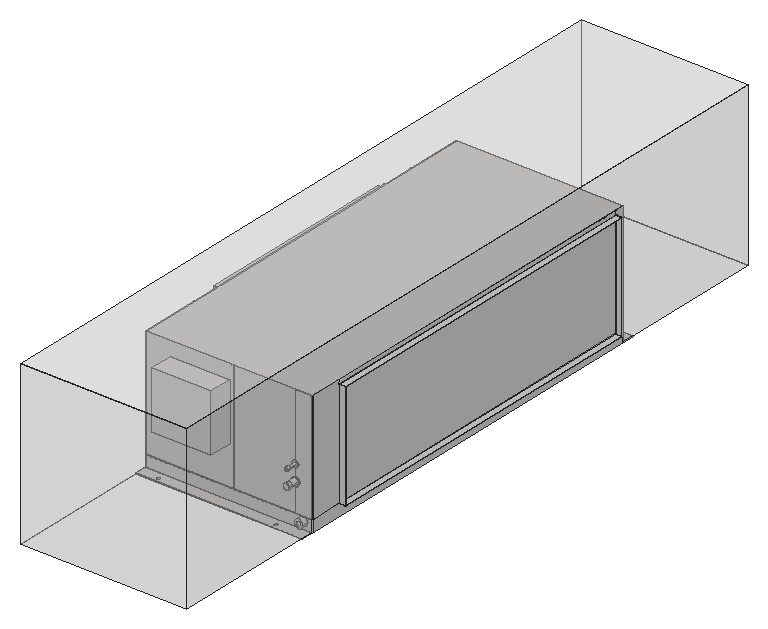
Revit family "outputfile", category 機械設備, Revit 2024
Family settings
  丸型コネクタ寸法 = 半径を使用
  パーツ タイプ = 標準
  OmniClass 番号 = 23.75.10.24.21.27.27
  OmniClass タイトル = Split System Air Conditioning Units
  作業面ベース = いいえ
  常に垂直 = はい
  ロード時にボイドで切り取り = いいえ
  注釈の向きを維持 = いいえ
  共有 = いいえ
  部屋計算ポイント = はい
Parameters (values of type "FDR400QY14")
  Description = ""
  書き出し IFC クラス(タイプ) = "IfcUnitaryEquipmentType"
  定義済み IFC タイプ(タイプ) = "AIRCONDITIONINGUNIT"
  Cost = 0
  Type Comments = ""
  Keynote = ""
  Type Image = (empty or 0)
  Assembly Code = ""
  angle_Drain Pipe [instance] = if(Rear Connection_drainpipe, -90.00°, 90.00°)  # 90.00°
  製造元 = "Daikin"
  モデル = "FDR400QY14"
  w2 = if(Depth = 2195.0 mm, 0.0 mm, if(Depth = 1980.0 mm, 0.0 mm, 352.0 mm))  # 0.0 mm
  w1 = if(Depth = 2195.0 mm, 0.0 mm, if(Depth = 1980.0 mm, 1.0 mm, 20.0 mm))  # 1.0 mm
  switch_frequency = yes
  r_Liquid Pipe Size = Liquid Pipe Size / 2  # 6.35 mm
  r_Gas Pipe Size = Gas Pipe Size / 2  # 14.3 mm
  r_Drain Pipe Size = Drain Pipe Size / 2  # 12.7 mm
  r_D = if(Depth = 2195.0 mm, 41.5 mm, if(Depth = 1980.0 mm, 41.5 mm, 34.5 mm))  # 41.5 mm
  lw_power = if(Depth = 2195.0 mm, Width / 2 - 249.0 mm, if(Depth = 1980.0 mm, Width / 2 - 128.0 mm, Width / 2 - 138.0 mm))  # 297.0 mm
  lw_mountinghole = if(Depth = 2195.0 mm, 100.0 mm, if(Depth = 1980.0 mm, 100.0 mm, if(Depth = 1330.0 mm, 59.0 mm, 59.0 mm)))  # 100.0 mm
  lh_SA = if(Depth = 2195.0 mm, 263.0 mm + SA Duct Size Height / 2, if(Depth = 1980.0 mm, 257.0 mm + SA Duct Size Height / 2, 156.0 mm + SA Duct Size Height / 2))  # 431.5 mm
  ld_SA = if(Depth = 2195.0 mm, 570.0 mm + SA Duct Size Width / 2, if(Depth = 1980.0 mm, 479.0 mm + SA Duct Size Width / 2, 128.0 mm + SA Duct Size Width / 2))  # 1001.5 mm
  ld_RA = if(Depth = 2195.0 mm, 171.0 mm + RA Duct Size Width / 2, if(Depth = 1980.0 mm, 169.0 mm + RA Duct Size Width / 2, 128.0 mm + RA Duct Size Width / 2))  # 1051.0 mm
  lh_power = if(Depth = 2195.0 mm, 490.0 mm, if(Depth = 1980.0 mm, 300.0 mm, 200.0 mm))  # 300.0 mm
  lh_RA = if(Depth = 2195.0 mm, 60.0 mm + RA Duct Size Height / 2, if(Depth = 1980.0 mm, 61.0 mm + RA Duct Size Height / 2, 156.0 mm + RA Duct Size Height / 2))  # 333.0 mm
  ld_power = if(Depth = 2195.0 mm, 75.8 mm, if(Depth = 1980.0 mm, 70.0 mm, 76.6 mm))  # 70.0 mm
  l_SA = if(Depth = 2195.0 mm, 36.0 mm, if(Depth = 1980.0 mm, 35.0 mm, 39.0 mm))  # 35.0 mm
  l_RA = if(Depth = 2195.0 mm, 36.0 mm, if(Depth = 1980.0 mm, 35.0 mm, 39.0 mm))  # 35.0 mm
  d = if(Depth = 1330.0 mm, 20.0 mm, 0.0 mm)  # 0.0 mm
  connector_voltage = Voltage_50Hz  # 400 V
  connector_powerinput = [Power Input (Cooling)]  # 15.690 kW
  connector_phase = Phase_50Hz  # 3
  Voltage_comment_50Hz = "380 - 415"
  Voltage_50Hz = 400 V
  URL = ""
  Supply Air Direction [instance] = yes
  Sound Power Level_H speed (dB) = 0
  Rear Connection_drainpipe [instance] = not(Front Connection_drainpipe)  # no
  Phase_50Hz = 3
  Minimum External Static Pressure = 0.00 Pa
  Minimum Circuit Amps_50Hz = 4.4 A
  Maximum Fuse Amps_50Hz = 16.0 A
  Maximum External Static Pressure = 150.00 Pa
  Material_Casing = DAIKIN_GalvanizedSteel_Casing_indoorunit
  lw_mountinghole_pitch = if(Depth = 2195.0 mm, 600.0 mm, if(Depth = 1980.0 mm, 600.0 mm, if(Depth = 1330.0 mm, 732.0 mm, 732.0 mm)))  # 600.0 mm
  lh_gaspipe = if(Depth = 2195.0 mm, 205.0 mm, if(Depth = 1980.0 mm, 205.0 mm, 187.0 mm))  # 205.0 mm
  lh_mountinghole = if(Depth = 2195.0 mm, 0.0 mm, if(Depth = 1980.0 mm, 0.0 mm, if(Depth = 1330.0 mm, 495.0 mm, 495.0 mm)))  # 0.0 mm
  lh_liquidpipe = if(Depth = 2195.0 mm, 285.0 mm, if(Depth = 1980.0 mm, 285.0 mm, 187.0 mm))  # 285.0 mm
  lh_drainpipe = if(Depth = 2195.0 mm, 38.0 mm, if(Depth = 1980.0 mm, 38.0 mm, 32.0 mm))  # 38.0 mm
  l_antena = Height - lh_mountinghole + 1.0 mm  # 626.0 mm
  ld_drainpipe = if(Depth = 2195.0 mm, Depth / 2 + 29.0 mm, if(Depth = 1980.0 mm, Depth / 2 + 29.0 mm, Depth / 2 + 9.0 mm))  # 1019.0 mm
  ld_liquidpipe = if(Depth = 2195.0 mm, Depth / 2 + 55.0 mm, if(Depth = 1980.0 mm, Depth / 2 + 55.0 mm, Depth / 2 + 60.0 mm))  # 1045.0 mm
  ld_gaspipe = if(Depth = 2195.0 mm, Depth / 2 + 55.0 mm, if(Depth = 1980.0 mm, Depth / 2 + 55.0 mm, Depth / 2 + 58.0 mm))  # 1045.0 mm
  ld_mountinghole_pitch = if(Depth = 2195.0 mm, 2280.0 mm, if(Depth = 1980.0 mm, 2070.0 mm, 1386.0 mm))  # 2070.0 mm
  h*** = 0.0 mm  # constant formula
  lw_liquidpipe = if(Depth = 2195.0 mm, 83.0 mm, if(Depth = 1980.0 mm, 87.0 mm, 126.0 mm))  # 87.0 mm
  lw_gaspipe = if(Depth = 2195.0 mm, 83.0 mm, if(Depth = 1980.0 mm, 87.0 mm, 47.0 mm))  # 87.0 mm
  lw_drainpipe = if(Depth = 2195.0 mm, 43.0 mm, if(Depth = 1980.0 mm, 45.0 mm, 46.0 mm))  # 45.0 mm
  Width = 850.0 mm
  Version = "ver.1.0"
  Unit Type = "Duct"
  Unit Mass Weight = 177.00 kg
  Unit Designation [instance] = ""
  Uniclass2015Version = "Products v1.30"
  Uniclass2015Title = "Split coil room air conditioning units"
  Uniclass2015Code = "Pr_70_65_03_86"
  Total Cooling Capacity [instance] = 0.000 kW
  Sound Pressure Level_M speed (dBA) = 0
  Sound Pressure Level_L speed (dBA) = 0
  Sound Pressure Level_H speed (dBA) = 59
  Series = "Package Aircon_Fan Coil Unit"
  Sensible Cooling Capacity [instance] = 0.000 kW
  SA Duct Size Width = 1045.0 mm
  SA Duct Size Height = 349.0 mm
  Refrigerant Type = "R410A"
  RA Duct Size Width = 1764.0 mm
  RA Duct Size Height = 544.0 mm
  Power Input (Cooling) = 15.690 kW
  Option Accessory 3 [instance] = ""
  Option Accessory 2 [instance] = ""
  Option Accessory 1 [instance] = ""
  Nominal Cooling Capacity = 46.300 kW
  Minimum Airflow = 0.00 m³/h
  Median Airflow = 0.00 m³/h
  Maximum Airflow = 7200.00 m³/h
  Load Classification = HVAC
  Liquid Pipe Size = 12.7 mm
  Link_Nested Family [instance] = ""
  Front Connection_drainpipe [instance] = yes
  IfcVersion = ""
  IfcExportType = "AIRCONDITIONINGUNIT"
  IfcExportAs = "IfcUnitaryEquipmentType"
  Height = 625.0 mm
  Heat Exchanger Type = "Cross Fin Coil"
  Gas Pipe Size = 28.6 mm
  Frequency_50Hz = 50 Hz
  Fan Type = "Sirocco Fan"
  Fan Drive = "-"
  FCU Tag No. [instance] = ""
  Drain Pipe Size = 25.4 mm
  Design Supply Airflow [instance] = 0.00 m³/h
  Design Return Airflow [instance] = 0.00 m³/h
  Design External Static Pressure [instance] = 0.00 Pa
  Depth = 1980.0 mm
  既定の高さ = 0.0 mm
  Cooling Entering Wet Bulb Temperature [instance] = 0.00 °C
  Cooling Entering Dry Bulb Temperature [instance] = 0.00 °C
  Cooling Ambient Wet Bulb Temperature [instance] = 0.00 °C
  Cooling Ambient Dry Bulb Temperature [instance] = 0.00 °C
  Clearance visibility [instance] = yes
  Clearance Top = 200.0 mm
  Clearance Right = 0.0 mm
  Clearance Rear = 800.0 mm
  Clearance Left = 0.0 mm
  Clearance Front = 800.0 mm
  Clearance Bottom = 0.0 mm
  A = if(Depth = 2195.0 mm, 60.0 mm, if(Depth = 1980.0 mm, 61.0 mm, 63.0 mm))  # 61.0 mm
  300-500 = not([200/250])  # yes
  200/250 = Depth = 1330.0 mm  # no
Reference planes
  plane 1 "Center (Front/Back)": y = 0
  plane 2 "h": z = 0
  plane 3 "Center (Left/Right)": x = 0
  plane 4 "Back": y = 990
  plane 5 "Front": y = -990
  plane 6 "Left": x = -425
  plane 7 "Right": x = 425
  plane 8 "Top": z = 0
  plane 9 "Bottom": z = -625
  plane 10: y = 1790
  plane 11: y = -1790
  plane 12: x = -425
  plane 13: x = 425
  plane 14: z = 200
  plane 15: z = -625
  plane 16 "ld_RA": y = 61
  plane 17 "lh_RA": z = -292
  plane 18 "ld_gaspipe": y = -1045
  plane 19 "ld_drainpipe": y = -1019
  plane 20 "lw_drainpipe": x = 380
  plane 21 "lw_liquidpipe": x = 338
  plane 22 "lw_gaspipe": x = 338
  plane 23 "lw_mountinghole": x = -325
  plane 24 "lw_mountinghole1": x = 275
  plane 25 "ld_mountinghole": y = -1035
  plane 26 "ld_mountinghole1": y = 1035
  plane 27 "lh_mountinghole": z = -625
  plane 28 "lh_SA": z = -193.5
  plane 29 "ld_liquidpipe": y = -1045
  plane 30 "ld_power": y = -1060
  plane 31 "ld_drainpipe1": y = 1019
  plane 32 "ld_SA": y = 11.5
  plane 33 "A": z = -564
  plane 34: y = 990
  plane 35: y = -990
  plane 36: x = -424
  plane 37: x = 425
  plane 38: z = -587
  plane 39: z = -587
Forms (mm)
  Extrusion 1, solid, material "DAIKIN_GalvanizedSteel_Casing_indoorunit" <- "Material_Casing"
    sketch origin (0, 0, -625) x (-1, 0, 0) y (0, -1, 0)
      loop
        line (424, -990) -> (424, 990) -> (-425, 990) -> (-425, -990) -> (424, -990)
    from 625 to 61
  Extrusion 2, solid, material "DAIKIN_GalvanizedSteel_Casing_indoorunit" <- "Material_Casing"
    sketch origin (0, 0, -625) x (-1, 0, 0) y (0, -1, 0)
      loop
        line (424, -990) -> (424, 990) -> (-425, 990) -> (-425, -990) -> (424, -990)
    from 0 to 61
  Extrusion 3, solid, material "DAIKIN_GalvanizedSteel_Casing_indoorunit" <- "Material_Casing", visible <- "200/250"
    sketch origin (0, 0, 0) x (1, 0, 0) y (0, 0, 1)
      loop
        line (84.8, -564) -> (84.8, -625) -> (419.6, -625) -> (419.6, -564) -> (84.8, -564)
    from -990 to 990
  Extrusion 4, solid, material "DAIKIN_GalvanizedSteel_Casing_indoorunit" <- "Material_Casing", visible <- "Front Connection_drainpipe"
    sketch origin (425, -990, -625) x (-1, 0, 0) y (0, 0, -1)
      loop
        circle (45, -38) r 20.75
      loop
        circle (45, -38) r 12.7
    from 0 to 29
  Extrusion 5, solid, material "DAIKIN_GalvanizedSteel_Casing_indoorunit" <- "Material_Casing", visible <- "Rear Connection_drainpipe"
    sketch origin (-424, 990, -625) x (1, 0, 0) y (0, 0, -1)
      loop
        circle (804, -38) r 20.75
      loop
        circle (804, -38) r 12.7
    from 0 to 29
Dimensions and locks
  "Height": plane 8 "Top" to plane 9 "Bottom"
  equal spacing: plane 4 "Back", plane 1 "Center (Front/Back)", plane 5 "Front"
  "Depth": plane 4 "Back" to plane 5 "Front"
  equal spacing: plane 6 "Left", plane 3 "Center (Left/Right)", plane 7 "Right"
  "Width": plane 6 "Left" to plane 7 "Right"
  "Clearance Left": plane 12 to plane 6 "Left"
  "Clearance Right": plane 7 "Right" to plane 13
  "Clearance Rear": plane 10 to plane 4 "Back"
  "Clearance Front": plane 5 "Front" to plane 11
  "Clearance Top": plane 14 to plane 8 "Top"
  "Clearance Bottom": plane 9 "Bottom" to plane 15
  "ld_RA": plane 16 "ld_RA" to plane 5 "Front"
  "lh_RA": plane 17 "lh_RA" to plane 9 "Bottom"
  "lw_drainpipe": plane 20 "lw_drainpipe" to plane 7 "Right"
  "lw_liquidpipe": plane 21 "lw_liquidpipe" to plane 7 "Right"
  "lw_gaspipe": plane 22 "lw_gaspipe" to plane 7 "Right"
  "lw_mountinghole_pitch": plane 23 "lw_mountinghole" to plane 24 "lw_mountinghole1"
  equal spacing: plane 25 "ld_mountinghole", plane 1 "Center (Front/Back)", plane 26 "ld_mountinghole1"
  "ld_mountinghole_pitch": plane 26 "ld_mountinghole1" to plane 25 "ld_mountinghole"
  "lh_mountinghole": plane 27 "lh_mountinghole" to plane 9 "Bottom"
  "lh_SA": plane 28 "lh_SA" to plane 9 "Bottom"
  "h***": plane 8 "Top" to plane 2 "h"
  "lw_mountinghole": plane 6 "Left" to plane 23 "lw_mountinghole"
  "ld_drainpipe": plane 31 "ld_drainpipe1" to plane 1 "Center (Front/Back)"
  "ld_drainpipe": plane 1 "Center (Front/Back)" to plane 19 "ld_drainpipe"
  "ld_power": plane 5 "Front" to plane 30 "ld_power"
  "ld_liquidpipe": plane 29 "ld_liquidpipe" to plane 1 "Center (Front/Back)"
  "ld_gaspipe": plane 18 "ld_gaspipe" to plane 1 "Center (Front/Back)"
  "ld_SA": plane 32 "ld_SA" to plane 5 "Front"
  "A": plane 33 "A" to plane 9 "Bottom"
  "w1": plane 6 "Left" to plane 36
  "d": plane 4 "Back" to plane 34
  "d": plane 35 to plane 5 "Front"
  "w2": plane 37 to plane 7 "Right"
  locked: plane 6 "Left" to Extrusion 1 sketch curve at 1
  locked: Extrusion 3 sketch curve to Extrusion 3 sketch curve at 334.8
  locked: Extrusion 3 sketch curve to plane 7 "Right" at 5.4
  "lh_drainpipe": plane 38 to plane 9 "Bottom"
  "lh_drainpipe": plane 39 to plane 9 "Bottom"
  "r_D": diameter of Extrusion 4 sketch curve
  "Drain Pipe Size": diameter of Extrusion 4 sketch curve
  "Drain Pipe Size": diameter of Extrusion 5 sketch curve
  "r_D": diameter of Extrusion 5 sketch curve
  aligned and locked: level to plane 2 "h"
  aligned and locked: nested 4 to plane 11
  aligned and locked: nested 4 to plane 12  (x2)
  aligned and locked: nested 4 to plane 13
  aligned and locked: plane 10 to nested 4
  aligned and locked: plane 14 to nested 4
  aligned and locked: plane 15 to nested 4
  aligned and locked: nested 2 to plane 21 "lw_liquidpipe"
  aligned and locked: nested 1 to plane 22 "lw_gaspipe"
  aligned and locked: nested 1 to plane 18 "ld_gaspipe"
  aligned and locked: plane 23 "lw_mountinghole" to nested 6
  aligned and locked: nested 6 to plane 26 "ld_mountinghole1"
  aligned and locked: plane 24 "lw_mountinghole1" to nested 5
  aligned and locked: nested 5 to plane 26 "ld_mountinghole1"
  aligned and locked: plane 24 "lw_mountinghole1" to nested 8
  aligned and locked: plane 25 "ld_mountinghole" to nested 8
  aligned and locked: plane 25 "ld_mountinghole" to nested 7
  aligned and locked: plane 23 "lw_mountinghole" to nested 7
  aligned and locked: nested 2 to plane 29 "ld_liquidpipe"
  aligned and locked: plane 28 "lh_SA" to nested 9
  aligned and locked: nested 3 to plane 3 "Center (Left/Right)"
  aligned and locked: plane 1 "Center (Front/Back)" to nested 3
  aligned and locked: nested 11 to plane 3 "Center (Left/Right)"
  aligned and locked: nested 11 to plane 30 "ld_power"
  aligned and locked: nested 9 to plane 6 "Left"
  aligned and locked: nested 9 to plane 32 "ld_SA"
  aligned and locked: plane 7 "Right" to nested 10
  aligned and locked: plane 16 "ld_RA" to nested 10
  aligned and locked: plane 7 "Right" to nested 12
  aligned and locked: nested 12 to plane 1 "Center (Front/Back)"
  aligned and locked: plane 1 "Center (Front/Back)" to nested 13
  aligned and locked: nested 13 to plane 6 "Left"
  aligned and locked: plane 9 "Bottom" to nested 13
  aligned and locked: Extrusion 1 sketch curve to plane 4 "Back"
  aligned and locked: plane 5 "Front" to Extrusion 1 sketch curve
  aligned and locked: Extrusion 1 sketch curve to plane 7 "Right"
  aligned and locked: Extrusion 1 to plane 8 "Top"
  aligned and locked: Extrusion 1 to plane 33 "A"
  aligned and locked: Extrusion 2 sketch curve to plane 34
  aligned and locked: plane 36 to Extrusion 2 sketch curve
  aligned and locked: plane 35 to Extrusion 2 sketch curve
  aligned and locked: Extrusion 2 sketch curve to plane 37
  aligned and locked: plane 33 "A" to Extrusion 2
  aligned and locked: Extrusion 2 to plane 9 "Bottom"
  aligned and locked: plane 25 "ld_mountinghole" to nested 14
  aligned and locked: nested 15 to plane 26 "ld_mountinghole1"
  aligned and locked: plane 23 "lw_mountinghole" to nested 14
  aligned and locked: nested 15 to plane 23 "lw_mountinghole"
  aligned and locked: plane 9 "Bottom" to nested 15
  aligned and locked: nested 14 to plane 9 "Bottom"
  aligned and locked: plane 23 "lw_mountinghole" to nested 16
  aligned and locked: plane 24 "lw_mountinghole1" to nested 17
  aligned and locked: nested 16 to plane 25 "ld_mountinghole"
  aligned and locked: nested 17 to plane 25 "ld_mountinghole"
  aligned and locked: nested 18 to plane 26 "ld_mountinghole1"
  aligned and locked: nested 19 to plane 26 "ld_mountinghole1"
  aligned and locked: nested 19 to plane 24 "lw_mountinghole1"
  aligned and locked: nested 18 to plane 23 "lw_mountinghole"
  aligned and locked: plane 27 "lh_mountinghole" to nested 18
  aligned and locked: plane 27 "lh_mountinghole" to nested 16
  aligned and locked: plane 27 "lh_mountinghole" to nested 19
  aligned and locked: plane 27 "lh_mountinghole" to nested 17
  aligned and locked: plane 8 "Top" to nested 12
  aligned and locked: Extrusion 3 sketch curve to plane 33 "A"
  aligned and locked: plane 9 "Bottom" to Extrusion 3 sketch curve
  aligned and locked: Extrusion 2 to Extrusion 3  (x2)
  aligned and locked: nested 20 to plane 5 "Front"
  aligned and locked: plane 3 "Center (Left/Right)" to nested 20
  aligned and locked: plane 9 "Bottom" to nested 20
  aligned and locked: Extrusion 4 sketch curve to plane 20 "lw_drainpipe"  (x2)
  aligned and locked: plane 38 to Extrusion 4 sketch curve  (x2)
  aligned and locked: Extrusion 4 to plane 19 "ld_drainpipe"
  aligned and locked: Extrusion 5 sketch curve to plane 20 "lw_drainpipe"  (x2)
  aligned and locked: plane 39 to Extrusion 5 sketch curve  (x2)
  aligned and locked: plane 31 "ld_drainpipe1" to Extrusion 5
  aligned and locked: plane 1 "Center (Front/Back)" to nested 21
  aligned and locked: nested 21 to plane 20 "lw_drainpipe"
Nested families
  nested 1: "daikin_connector_rotate2" at (338, 0, -420), length <- "ld_gaspipe", built-in parameter 1001364 <- "lh_gaspipe", radius <- "r_Gas Pipe Size", type "daikin_connector_rotate2"
    with radius 14.3 mm, length 1045.0 mm, angle_vertical 90.00°
  nested 2: "daikin_connector_rotate2" at (338, 0, -340), length <- "ld_liquidpipe", built-in parameter 1001364 <- "lh_liquidpipe", radius <- "r_Liquid Pipe Size", type "daikin_connector_rotate2"
    with radius 6.35 mm, length 1045.0 mm, angle_vertical 90.00°
  nested 3: "daikin_△_symbolicline" at (0, 0, 625) x (0, -1, 0) z (0, 0, 1), built-in parameter 1001364 <- "Height", visible <- "Supply Air Direction", type "daikin_△_symbolicline"
    with length 250.0 mm
  nested 4: "daikin_clearancespace" at (0, 0, -212.381), visible <- "Clearance visibility", show <- "Clearance visibility", Link_Nested Family <- "Link_Nested Family", type "daikin_clearancespace"
    with width 850.0 mm, show yes, height 825.0 mm, depth 3580.0 mm, Link_Nested Family ""
  nested 5: "daikin_mountinghole" at (275, 1035, -625), l_antenna <- "l_antena", Link_Nested Family <- "Link_Nested Family", h_mountinghole <- "lh_mountinghole", type "daikin_mountinghole"
    with show yes, l_antenna 626.0 mm, h_mountinghole 0.0 mm, Link_Nested Family ""
  nested 6: "daikin_mountinghole" at (-325, 1035, -625), l_antenna <- "l_antena", Link_Nested Family <- "Link_Nested Family", h_mountinghole <- "lh_mountinghole", type "daikin_mountinghole"
    with show yes, l_antenna 626.0 mm, h_mountinghole 0.0 mm, Link_Nested Family ""
  nested 7: "daikin_mountinghole" at (-325, -1035, -625), h_mountinghole <- "lh_mountinghole", l_antenna <- "l_antena", Link_Nested Family <- "Link_Nested Family", type "daikin_mountinghole"
    with show yes, l_antenna 626.0 mm, h_mountinghole 0.0 mm, Link_Nested Family ""
  nested 8: "daikin_mountinghole" at (275, -1035, -625), h_mountinghole <- "lh_mountinghole", l_antenna <- "l_antena", Link_Nested Family <- "Link_Nested Family", type "daikin_mountinghole"
    with show yes, l_antenna 626.0 mm, h_mountinghole 0.0 mm, Link_Nested Family ""
  nested 9: "daikin_connector_rotate2" at (-425, 11.5, -193.5) x (0, -1, 0) z (0, 0, 1), built-in parameter 1001364 <- "lh_SA", length <- "l_SA", type "daikin_connector_rotate2"
    with radius 10.0 mm, length 35.0 mm, angle_vertical 90.00°
  nested 10: "daikin_connector_rotate2" at (425, 61, -292) x (0, 1, 0) z (0, 0, 1), built-in parameter 1001364 <- "lh_RA", length <- "l_RA", type "daikin_connector_rotate2"
    with radius 10.0 mm, length 35.0 mm, angle_vertical 90.00°
  nested 11: "daikin_connector_rotate2" at (0, -1060, -325) x (0, -1, 0) z (0, 0, 1), length <- "lw_power", built-in parameter 1001364 <- "lh_power", type "daikin_connector_rotate2"
    with radius 10.0 mm, length 297.0 mm, angle_vertical 90.00°
  nested 12: "daikin_RA ductflange_FDR-QY14" at (425, 0, -625) x (0, 1, 0) z (0, 0, 1), type "daikin_RA ductflange_FDR-QY14"
    with lh_RA 61.0 mm, ld_RA 169.0 mm, l_RA 35.0 mm, a 61.0 mm, RA Duct Size Width 1764.0 mm, RA Duct Size Height 544.0 mm, Depth 1980.0 mm, Height 625.0 mm
  nested 13: "daikin_SA ductflange_FDR-QY14" at (-425, 0, -625) x (0, -1, 0) z (0, 0, 1), type "daikin_SA ductflange_FDR-QY14"
    with lh_SA 257.0 mm, ld_SA 479.0 mm, l_SA 35.0 mm, a 61.0 mm, SA Duct Size Width 1045.0 mm, SA Duct Size Height 349.0 mm, Depth 1980.0 mm, Height 625.0 mm, t 1.0 mm, 300/400 yes, 200/250以外 yes, 200/250 no
  nested 14: "daikin_anchor boltsfixture_FDR-QY14" at (-325, -1035, -625), visible <- "300-500", type "daikin_anchor boltsfixture_FDR-QY14"
    with b 45.0 mm, a 61.0 mm, Width 850.0 mm, Height 625.0 mm
  nested 15: "daikin_anchor boltsfixture_FDR-QY14" at (-325, 1035, -625), visible <- "300-500", type "daikin_anchor boltsfixture_FDR-QY14"
    with b 45.0 mm, a 61.0 mm, Width 850.0 mm, Height 625.0 mm
  nested 16: "daikin_hangerfixture_FDR-QY14" at (-325, -1035, -625) x (0, 1, 0) z (0, 0, 1), visible <- "200/250", type "daikin_hangerfixture_FDR-QY14"
  nested 17: "daikin_hangerfixture_FDR-QY14" at (275, -1035, -625) x (0, 1, 0) z (0, 0, 1), visible <- "200/250", type "daikin_hangerfixture_FDR-QY14"
  nested 18: "daikin_hangerfixture_FDR-QY14" at (-325, 1035, -625) x (0, -1, 0) z (0, 0, 1), visible <- "200/250", type "daikin_hangerfixture_FDR-QY14"
  nested 19: "daikin_hangerfixture_FDR-QY14" at (275, 1035, -625) x (0, -1, 0) z (0, 0, 1), visible <- "200/250", type "daikin_hangerfixture_FDR-QY14"
  nested 20: "daikin_rightpanel_FDR-QY14" at (0, -990, -625), material <- "Material_Casing", type "daikin_rightpanel_FDR-QY14"
    with material DAIKIN_GalvanizedSteel_Casing_indoorunit, 外径_gaspipe 31.1 mm, 内径_gaspipe 28.6 mm, switch_unit_300/400 yes, switch_unit_200/250 no, lw_liquidpipe 87.0 mm, lw_gaspipe 87.0 mm, lw_control box 128.0 mm, lh_liquidpipe 285.0 mm, lh_gaspipe 205.0 mm, lh_control box 261.0 mm, ld_liquidpipe 55.0 mm, 外径_liquidpipe 17.8 mm, 内径_liquidpipe 12.7 mm, ld_gaspipe 55.0 mm, height 625.0 mm, h_control box 291.6 mm, depth 1980.0 mm
  nested 21: "daikin_connector_rotate2" at (380, 0, -587), built-in parameter 1001364 <- "lh_drainpipe", length <- "ld_drainpipe", radius <- "r_Drain Pipe Size", angle_vertical <- "angle_Drain Pipe", type "daikin_connector_rotate2"
    with radius 12.7 mm, length 1019.0 mm, angle_vertical 90.00°
Connectors
  piping at (338, -1045, -420), diameter 28.6, driven by "r_Gas Pipe Size"
    settings: on nested 1, index 4, connector inside diameter 609.6 mm, connector length 0.0 mm, flow factor 0, pipe flow 0.00 m³/h, pressure drop 0.0 Pa, fitting loss kfactor 0, connector angle 0.00°, fixture units 0, engagement length 0.0 mm, angle of deflection 0.00°, flow configuration 1, flow direction 2, fitting loss method 0, system type 29, joint type 0, gender type 0, connector reference index -1, connector utility 0, adjustable connector no, is connector primary yes, connector description "Refrigerant Gas Piping"
  piping at (338, -1045, -340), diameter 12.7, driven by "r_Liquid Pipe Size"
    settings: on nested 2, index 5, connector inside diameter 609.6 mm, connector length 0.0 mm, flow factor 0, pipe flow 0.00 m³/h, pressure drop 0.0 Pa, fitting loss kfactor 0, connector angle 0.00°, fixture units 0, engagement length 0.0 mm, angle of deflection 0.00°, flow configuration 1, flow direction 1, fitting loss method 0, system type 29, joint type 0, gender type 0, connector reference index -1, connector utility 0, adjustable connector no, is connector primary no, connector description "Refrigerant Liquid Piping"
  hvac at (-460, 11.5, -193.5), driven by "SA Duct Size Height", driven by "SA Duct Size Width"
    settings: on nested 9, index 7, duct flow 0.00 m³/h, flow factor 0, pres drop 0.00 Pa, loss coef 0, conn angle 0.00°, conn width 1045.0 mm, conn height 349.0 mm, conn diameter 609.6 mm, duct sys type 1, conn prof type 1, flow config 0, flow direction 2, loss method 4, conn ref index -1, conn util no, is conn primary yes, conn desc "SA Duct"
  hvac at (460, 61, -292), driven by "RA Duct Size Height", driven by "RA Duct Size Width"
    settings: on nested 10, index 8, duct flow 0.00 m³/h, flow factor 0, pres drop 0.00 Pa, loss coef 0, conn angle 0.00°, conn width 1764.0 mm, conn height 544.0 mm, conn diameter 609.6 mm, duct sys type 2, conn prof type 1, flow config 0, flow direction 1, loss method 4, conn ref index -1, conn util no, is conn primary no, conn desc "RA Duct"
  electrical at (-297, -1060, -325), driven by "connector_phase", driven by "Load Classification", driven by "connector_voltage", driven by "connector_powerinput"
    settings: on nested 11, index 9, voltage 400 V, apparent load 15690 VA, apparent load phase1 0 VA, apparent load phase2 0 VA, apparent load phase3 0 VA, power factor 1, load classification "HVAC", number of poles 3, system type 30, power factor state 1, is connector primary yes, connector utility no, sub classification motor no, connector description "Power Supply"
  piping at (380, -1019, -587), diameter 25.4, driven by "r_Drain Pipe Size"
    settings: on nested 21, index 10, connector inside diameter 609.6 mm, connector length 0.0 mm, flow factor 0, pipe flow 0.00 m³/h, pressure drop 0.0 Pa, fitting loss kfactor 0, connector angle 0.00°, fixture units 0, engagement length 0.0 mm, angle of deflection 0.00°, flow configuration 1, flow direction 2, fitting loss method 4, system type 16, joint type 0, gender type 0, connector reference index -1, connector utility 0, adjustable connector no, is connector primary no, connector description "Condensate Drain Piping"
Definition of nested family "daikin_clearancespace"
  Parameters (values of type "daikin_clearancespace")
    Description = "daikin_clearancespace"
    width [instance] = 1823.963 mm
    show [instance] = yes
    material = none
    height [instance] = 1359.762 mm
    depth [instance] = 880.0 mm
    Default Elevation = 0.0 mm
    Link_Nested Family [instance] = ""
  Reference planes
    plane 1 "Center (Front/Back)": y = 0
    plane 2 "Center (Elevation)": z = -0.119
    plane 3 "Center (Left/Right)": x = 0
    plane 4: y = 440
    plane 5: y = -440
    plane 6 "Right": x = 911.982
    plane 7 "Left": x = -911.982
    plane 8 "Top": z = 679.762
    plane 9 "Bottom": z = -680
  Forms (mm)
    Extrusion 1, solid, material <- "material", visible <- "show"
      sketch origin (0, 0, 0) x (1, 0, 0) y (0, 1, 0)
        loop
          line (-911.982, 440) -> (-911.982, -440) -> (911.982, -440) -> (911.982, 440) -> (-911.982, 440)
      from -680 to 679.762
  Lines and regions (mm)
    symbolic lines, visible <- "show"
      curve 1: line (911.982, 440, 0) -> (-911.982, 440, 0)
      curve 2: line (-911.982, 440, 0) -> (-911.982, -440, 0)
      curve 3: line (-911.982, -440, 0) -> (911.982, -440, 0)
      curve 4: line (911.982, -440, 0) -> (911.982, 440, 0)
      curve 5: line (911.982, 0, 679.762) -> (-911.982, 0, 679.762)
      curve 6: line (911.982, 0, -680) -> (911.982, 0, 679.762)
      curve 7: line (-911.982, 0, -680) -> (911.982, 0, -680)
      curve 8: line (-911.982, 0, 679.762) -> (-911.982, 0, -680)
      curve 9: line (0, 440, 679.762) -> (0, -440, 679.762)
      curve 10: line (0, -440, 679.762) -> (0, -440, -680)
      curve 11: line (0, 440, -680) -> (0, 440, 679.762)
      curve 12: line (0, -440, -680) -> (0, 440, -680)
  Dimensions and locks
    "width": plane 7 "Left" to plane 6 "Right"
    "depth": plane 4 to plane 5
    "height": plane 8 "Top" to plane 9 "Bottom"
    equal spacing: plane 7 "Left", plane 3 "Center (Left/Right)", plane 6 "Right"
    equal spacing: plane 4, plane 1 "Center (Front/Back)", plane 5
    equal spacing: plane 8 "Top", plane 2 "Center (Elevation)", plane 9 "Bottom"
    aligned and locked: level to plane 2 "Center (Elevation)"
    aligned and locked: Extrusion 1 sketch curve to plane 4
    aligned and locked: plane 7 "Left" to Extrusion 1 sketch curve
    aligned and locked: Extrusion 1 sketch curve to plane 5
    aligned and locked: Extrusion 1 sketch curve to plane 6 "Right"
    aligned and locked: plane 8 "Top" to Extrusion 1
    aligned and locked: curve 1 to Extrusion 1
    aligned and locked: curve 2 to Extrusion 1
    aligned and locked: curve 3 to Extrusion 1
    aligned and locked: curve 4 to Extrusion 1
    aligned and locked: curve 5 to Extrusion 1
    aligned and locked: curve 6 to Extrusion 1
    aligned and locked: curve 7 to Extrusion 1
    aligned and locked: curve 8 to Extrusion 1
    aligned and locked: curve 9 to Extrusion 1
    aligned and locked: curve 10 to Extrusion 1
    aligned and locked: curve 11 to Extrusion 1
    aligned and locked: curve 12 to Extrusion 1
    aligned and locked: Extrusion 1 to plane 9 "Bottom"
Definition of nested family "daikin_RA ductflange_FDR-QY14"
  Parameters (values of type "daikin_RA ductflange_FDR-QY14")
    lh_RA = if(Depth = 2195.0 mm, 60.0 mm, if(Depth = 1980.0 mm, 61.0 mm, 156.0 mm))  # 60.0 mm
    ld_RA = if(Depth = 2195.0 mm, 171.0 mm, if(Depth = 1980.0 mm, 169.0 mm, 128.0 mm))  # 171.0 mm
    l_RA = if(Depth = 2195.0 mm, 36.0 mm, if(Depth = 1980.0 mm, 35.0 mm, 39.0 mm))  # 36.0 mm
    a = if(Depth = 2195.0 mm, 60.0 mm, if(Depth = 1980.0 mm, 61.0 mm, 63.0 mm))  # 60.0 mm
    RA Duct Size Width = if(Depth = 2195.0 mm, 1974.0 mm, if(Depth = 1980.0 mm, 1764.0 mm, 1074.0 mm))  # 1974.0 mm
    RA Duct Size Height = if(Depth = 2195.0 mm, 679.0 mm, if(Depth = 1980.0 mm, 544.0 mm, 294.0 mm))  # 679.0 mm
    Depth = 2195.0 mm
    material = none
    Height = 760.0 mm
    t = if(Depth = 1330.0 mm, 0.8 mm, 1.0 mm)  # 1.0 mm
    Default Elevation = 0.0 mm
    200/250 = Depth = 1330.0 mm  # no
  Reference planes
    plane 1 "Center (Front/Back)": y = 0
    plane 2: z = 0
    plane 3 "Center (Left/Right)": x = 0
    plane 4: x = -1097.5
    plane 5: x = 1097.5
    plane 6: z = 760
    plane 7: z = 739
    plane 8 "a": z = 60
    plane 9: x = -926.5
    plane 10: x = 1047.5
    plane 11: x = -925.5
    plane 12: x = 1046.5
    plane 13: z = 60
    plane 14: y = -36
    plane 15: y = 1
    plane 16: x = -925.5
    plane 17: x = 1046.5
  Forms (mm)
    Extrusion 1, solid, material <- "material"
      sketch origin (0, 0, 0) x (1, 0, 0) y (0, 0, 1)
        loop
          line (-1097.5, 760) -> (-1097.5, 60) -> (-925.5, 60) -> (-925.5, 760) -> (-1097.5, 760)
      from 0 to -1
    Extrusion 2, solid, material <- "material"
      sketch origin (0, 0, 0) x (1, 0, 0) y (0, 0, 1)
        loop
          line (1097.5, 760) -> (1046.5, 760) -> (1046.5, 60) -> (1097.5, 60) -> (1097.5, 760)
      from 0 to -1
    Extrusion 3, solid, material <- "material"
      sketch origin (0, 0, 0) x (1, 0, 0) y (0, 0, 1)
        loop
          line (-926.5, 739) -> (-926.5, 60) -> (-925.5, 60) -> (-925.5, 739) -> (-926.5, 739)
        loop
          line (1046.5, 739) -> (1046.5, 60) -> (1047.5, 60) -> (1047.5, 739) -> (1046.5, 739)
      from 0 to 36
    Extrusion 4, solid, material <- "material"
      sketch origin (0, 0, 0) x (0, 1, 0) y (0, 0, 1)
        loop
          line (-36, 739) -> (-36, 738) -> (1, 738) -> (1, 760) -> (0, 760) -> (0, 739) -> (-36, 739)
        loop
          line (-36, 61) -> (-36, 60) -> (1, 60) -> (1, 61) -> (-36, 61)
      from -925.5 to 1046.5
    Extrusion 5, solid, material <- "material", visible <- "200/250"
      sketch origin (0, 0, 0) x (0, 1, 0) y (0, 0, 1)
        loop
          line (0, 60) -> (0, -33) -> (1, -33) -> (1, 60) -> (0, 60)
      from -925.5 to 1046.5
  Dimensions and locks
    equal spacing: plane 5, plane 3 "Center (Left/Right)", plane 4
    "Depth": plane 5 to plane 4
    "Height": plane 6 to plane 2
    "ld_RA": plane 9 to plane 4
    "RA Duct Size Width": plane 10 to plane 9
    "a": plane 8 "a" to plane 2
    "t": plane 11 to plane 9
    "t": plane 10 to plane 12
    "lh_RA": plane 13 to plane 2
    "RA Duct Size Height": plane 7 to plane 13
    "t": Extrusion 3 sketch curve to Extrusion 3 sketch curve  (x2)
    "l_RA": plane 14 to plane 1 "Center (Front/Back)"
    "t": plane 15 to plane 1 "Center (Front/Back)"
    "t": Extrusion 4 sketch curve to Extrusion 4 sketch curve  (x2)
    "t": plane 17 to plane 10
    "t": plane 9 to plane 16
    locked: Extrusion 5 sketch curve to Extrusion 5 sketch curve at 93
    aligned and locked: level to plane 2
    aligned and locked: Extrusion 1 sketch curve to plane 6
    aligned and locked: plane 4 to Extrusion 1 sketch curve
    aligned and locked: plane 8 "a" to Extrusion 1 sketch curve
    aligned and locked: Extrusion 1 sketch curve to plane 11
    aligned and locked: Extrusion 1 to plane 1 "Center (Front/Back)"
    aligned and locked: plane 6 to Extrusion 2 sketch curve
    aligned and locked: plane 5 to Extrusion 2 sketch curve
    aligned and locked: Extrusion 2 sketch curve to plane 8 "a"
    aligned and locked: Extrusion 2 sketch curve to plane 12
    aligned and locked: Extrusion 2 to plane 1 "Center (Front/Back)"
    aligned and locked: Extrusion 3 sketch curve to plane 7  (x2)
    aligned and locked: plane 9 to Extrusion 3 sketch curve
    aligned and locked: Extrusion 3 sketch curve to plane 10
    aligned and locked: plane 13 to Extrusion 3 sketch curve  (x2)
    aligned and locked: Extrusion 3 to plane 1 "Center (Front/Back)"
    aligned and locked: Extrusion 3 to plane 14
    aligned and locked: plane 15 to Extrusion 1
    aligned and locked: plane 15 to Extrusion 2
    aligned and locked: Extrusion 4 sketch curve to plane 7
    aligned and locked: Extrusion 4 sketch curve to plane 1 "Center (Front/Back)"
    aligned and locked: Extrusion 4 sketch curve to plane 6
    aligned and locked: Extrusion 4 sketch curve to plane 15  (x2)
    aligned and locked: plane 14 to Extrusion 4 sketch curve  (x2)
    aligned and locked: plane 13 to Extrusion 4 sketch curve
    aligned and locked: Extrusion 4 to plane 16
    aligned and locked: plane 17 to Extrusion 4
    aligned and locked: Extrusion 5 sketch curve to plane 13
    aligned and locked: Extrusion 5 sketch curve to plane 1 "Center (Front/Back)"
    aligned and locked: Extrusion 5 sketch curve to plane 15
    aligned and locked: Extrusion 5 to plane 16
    aligned and locked: plane 17 to Extrusion 5
Definition of nested family "daikin_SA ductflange_FDR-QY14"
  Parameters (values of type "daikin_SA ductflange_FDR-QY14")
    lh_SA = if(Depth = 2195.0 mm, 263.0 mm, if(Depth = 1980.0 mm, 257.0 mm, 156.0 mm))  # 156.0 mm
    ld_SA = if(Depth = 2195.0 mm, 570.0 mm, if(Depth = 1980.0 mm, 479.0 mm, 128.0 mm))  # 128.0 mm
    l_SA = if(Depth = 2195.0 mm, 36.0 mm, if(Depth = 1980.0 mm, 35.0 mm, 39.0 mm))  # 39.0 mm
    a = if(Depth = 2195.0 mm, 60.0 mm, if(Depth = 1980.0 mm, 61.0 mm, 63.0 mm))  # 63.0 mm
    SA Duct Size Width = if(Depth = 2195.0 mm, 1045.0 mm, if(Depth = 1980.0 mm, 1045.0 mm, 1074.0 mm))  # 1074.0 mm
    SA Duct Size Height = if(Depth = 2195.0 mm, 347.0 mm, if(Depth = 1980.0 mm, 349.0 mm, 294.0 mm))  # 294.0 mm
    Depth = 1330.0 mm
    material = none
    Height = 500.0 mm
    t = if(Depth = 1330.0 mm, 0.8 mm, 1.0 mm)  # 0.8 mm
    Default Elevation = 0.0 mm
    450/500 = Depth = 2195.0 mm  # no
    300/400 = Depth = 1980.0 mm  # no
    200/250以外 = not(Depth = 1330.0 mm)  # no
    200/250 = or(Depth = 1330.0 mm, and(not(Depth = 1980.0 mm), not(Depth = 2195.0 mm)))  # yes
  Reference planes
    plane 1 "Center (Front/Back)": y = 0
    plane 2: z = 0
    plane 3 "Center (Left/Right)": x = 0
    plane 4: x = -665
    plane 5: x = 665
    plane 6: z = 500
    plane 7: z = 450
    plane 8 "a": z = 63
    plane 9: x = -537
    plane 10: x = 537
    plane 11: z = 156
    plane 12: y = -39
    plane 13: y = 0.8
    plane 14: x = -536.2
    plane 15: x = 536.2
  Forms (mm)
    Extrusion 1, solid, material <- "material"
      sketch origin (0, 0, 0) x (1, 0, 0) y (0, 0, 1)
        loop
          line (-537, 450) -> (-537, 156) -> (-536.2, 156) -> (-536.2, 450) -> (-537, 450)
        loop
          line (536.2, 450) -> (536.2, 156) -> (537, 156) -> (537, 450) -> (536.2, 450)
      from 0 to 39
    Extrusion 2, solid, material <- "material"
      sketch origin (0, 0, 0) x (0, 1, 0) y (0, 0, 1)
        loop
          line (-39, 450) -> (-39, 449.2) -> (0.8, 449.2) -> (0.8, 450) -> (-39, 450)
        loop
          line (-39, 156.8) -> (-39, 156) -> (0.8, 156) -> (0.8, 156.8) -> (-39, 156.8)
      from -536.2 to 536.2
    Extrusion 3, solid, material <- "material", visible <- "200/250以外"
      sketch origin (0, 0, 0) x (1, 0, 0) y (0, 0, 1)
        loop
          line (-557, 450) -> (-557, 156) -> (-537, 156) -> (-537, 450) -> (-557, 450)
        loop
          line (537, 450) -> (537, 156) -> (557, 156) -> (557, 450) -> (537, 450)
      from 0 to -0.8
    Extrusion 4, solid, material <- "material", visible <- "200/250以外"
      sketch origin (0, 0, 0) x (1, 0, 0) y (0, 0, 1)
        loop
          line (-537, 470) -> (-537, 450) -> (537, 450) -> (537, 470) -> (-537, 470)
        loop
          line (-537, 156) -> (-537, 136) -> (537, 136) -> (537, 156) -> (-537, 156)
      from 0 to -0.8
    Extrusion 5, solid, material <- "material", visible <- "200/250"
      sketch origin (0, 0, 0) x (1, 0, 0) y (0, 0, 1)
        loop
          line (-665, 500) -> (-665, 63) -> (-537, 63) -> (-537, 500) -> (-665, 500)
        loop
          line (665, 500) -> (537, 500) -> (537, 63) -> (665, 63) -> (665, 500)
      from 0 to -0.8
    Extrusion 6, solid, material <- "material", visible <- "200/250"
      sketch origin (0, 0, 0) x (1, 0, 0) y (0, 0, 1)
        loop
          line (-537, 500) -> (-537, 450) -> (537, 450) -> (537, 500) -> (-537, 500)
        loop
          line (-537, 156) -> (-537, 63) -> (537, 63) -> (537, 156) -> (-537, 156)
      from 0 to -0.8
    Extrusion 7, solid, material <- "material", visible <- "450/500"
      sketch origin (0, 0, 0) x (1, 0, 0) y (0, 0, 1)
        loop
          line (-707, 450) -> (-707, 63) -> (-557, 63) -> (-557, 450) -> (-707, 450)
        loop
          line (557, 450) -> (557, 63) -> (706, 63) -> (706, 450) -> (557, 450)
      from 0 to -0.8
    Extrusion 8, solid, material <- "material", visible <- "450/500"
      sketch origin (0, 0, 0) x (1, 0, 0) y (0, 0, 1)
        loop
          line (-557, 136) -> (-557, 63) -> (557, 63) -> (557, 136) -> (-557, 136)
        loop
          line (-708, 600) -> (-708, 450) -> (708, 450) -> (708, 600) -> (-708, 600)
      from 0 to -0.8
    Extrusion 9, solid, material <- "material", visible <- "450/500"
      sketch origin (0, 0, 0) x (1, 0, 0) y (0, 0, 1)
        loop
          line (-665, 500) -> (-708, 500) -> (-708, 63) -> (-665, 63) -> (-665, 500)
        loop
          line (708, 500) -> (665, 500) -> (665, 63) -> (708, 63) -> (708, 500)
      from 0 to -0.8
    Extrusion 10, solid, material <- "material", visible <- "300/400"
      sketch origin (0, 0, 0) x (1, 0, 0) y (0, 0, 1)
        loop
          line (-707, 500) -> (-707, 63) -> (-557, 63) -> (-557, 500) -> (-707, 500)
        loop
          line (557, 500) -> (557, 63) -> (706, 63) -> (706, 500) -> (557, 500)
      from 0 to -0.8
    Extrusion 11, solid, material <- "material", visible <- "300/400"
      sketch origin (0, 0, 0) x (1, 0, 0) y (0, 0, 1)
        loop
          line (-557, 239) -> (-557, 63) -> (557, 63) -> (557, 239) -> (-557, 239)
      from 0 to -0.8
    Extrusion 12, solid, material <- "material", visible <- "300/400"
      sketch origin (0, 0, 0) x (1, 0, 0) y (0, 0, 1)
        loop
          line (-993, 500) -> (-993, 0) -> (1016, 0) -> (1016, 500) -> (706, 500) -> (706, 63) -> (-707, 63) -> (-707, 500) -> (-993, 500)
      from 0 to -0.8
  Dimensions and locks
    equal spacing: plane 5, plane 3 "Center (Left/Right)", plane 4
    "Depth": plane 5 to plane 4
    "Height": plane 6 to plane 2
    "SA Duct Size Width": plane 10 to plane 9
    "a": plane 8 "a" to plane 2
    "lh_SA": plane 11 to plane 2
    "SA Duct Size Height": plane 7 to plane 11
    "t": Extrusion 1 sketch curve to Extrusion 1 sketch curve  (x2)
    "l_SA": plane 12 to plane 1 "Center (Front/Back)"
    "t": plane 13 to plane 1 "Center (Front/Back)"
    "t": Extrusion 2 sketch curve to Extrusion 2 sketch curve  (x2)
    "t": plane 15 to plane 10
    "t": plane 9 to plane 14
    locked: Extrusion 3 sketch curve to Extrusion 3 sketch curve at 20  (x2)
    locked: Extrusion 4 sketch curve to Extrusion 4 sketch curve at 20  (x2)
    Extrusion 5 sketch curve to Extrusion 5 sketch curve to Extrusion 5 sketch curve = 1074.0 mm, 128.0 mm
    locked: Extrusion 6 sketch curve to Extrusion 6 sketch curve at 50
    locked: Extrusion 6 sketch curve to Extrusion 6 sketch curve at 93
    locked: Extrusion 7 sketch curve to Extrusion 7 sketch curve at 150
    locked: Extrusion 7 sketch curve to Extrusion 7 sketch curve at 149
    locked: plane 9 to Extrusion 7 sketch curve at 20
    locked: Extrusion 7 sketch curve to plane 10 at 20
    locked: plane 9 to Extrusion 8 sketch curve at 20
    locked: plane 10 to Extrusion 8 sketch curve at 20
    locked: plane 11 to Extrusion 8 sketch curve at 20
    locked: Extrusion 8 sketch curve to Extrusion 8 sketch curve at 150
    locked: plane 9 to Extrusion 8 sketch curve at 171
    locked: plane 10 to Extrusion 8 sketch curve at 171
    locked: plane 9 to Extrusion 10 sketch curve at 20
    locked: Extrusion 10 sketch curve to plane 10 at 20
    locked: Extrusion 10 sketch curve to Extrusion 10 sketch curve at 150
    locked: Extrusion 10 sketch curve to Extrusion 10 sketch curve at 149
    locked: Extrusion 11 sketch curve to Extrusion 11 sketch curve at 176
    Extrusion 12 sketch curve to Extrusion 12 sketch curve = 286.0 mm
    Extrusion 12 sketch curve to Extrusion 12 sketch curve = 310.0 mm
    "ld_SA": plane 5 to plane 10
    aligned and locked: level to plane 2
    aligned and locked: Extrusion 1 sketch curve to plane 7  (x2)
    aligned and locked: plane 9 to Extrusion 1 sketch curve
    aligned and locked: Extrusion 1 sketch curve to plane 10
    aligned and locked: plane 11 to Extrusion 1 sketch curve  (x2)
    aligned and locked: Extrusion 1 to plane 1 "Center (Front/Back)"
    aligned and locked: Extrusion 1 to plane 12
    aligned and locked: Extrusion 2 sketch curve to plane 7
    aligned and locked: Extrusion 2 sketch curve to plane 13  (x2)
    aligned and locked: plane 12 to Extrusion 2 sketch curve  (x2)
    aligned and locked: plane 11 to Extrusion 2 sketch curve
    aligned and locked: Extrusion 2 to plane 14
    aligned and locked: plane 15 to Extrusion 2
    aligned and locked: Extrusion 3 sketch curve to plane 9
    aligned and locked: Extrusion 3 sketch curve to plane 7  (x2)
    aligned and locked: plane 11 to Extrusion 3 sketch curve
    aligned and locked: Extrusion 3 to plane 1 "Center (Front/Back)"
    aligned and locked: plane 13 to Extrusion 3
    aligned and locked: plane 9 to Extrusion 4 sketch curve
    aligned and locked: Extrusion 4 sketch curve to Extrusion 4 sketch curve  (x2)
    aligned and locked: Extrusion 4 sketch curve to plane 10
    aligned and locked: plane 7 to Extrusion 4 sketch curve
    aligned and locked: Extrusion 4 sketch curve to plane 11
    aligned and locked: Extrusion 4 to plane 1 "Center (Front/Back)"
    aligned and locked: plane 13 to Extrusion 4
    aligned and locked: Extrusion 5 sketch curve to plane 6
    aligned and locked: plane 4 to Extrusion 5 sketch curve
    aligned and locked: plane 8 "a" to Extrusion 5 sketch curve
    aligned and locked: Extrusion 5 sketch curve to plane 8 "a"
    aligned and locked: Extrusion 5 sketch curve to plane 10
    aligned and locked: Extrusion 5 to plane 1 "Center (Front/Back)"
    aligned and locked: plane 13 to Extrusion 5
    aligned and locked: plane 9 to Extrusion 6 sketch curve
    aligned and locked: Extrusion 6 sketch curve to Extrusion 6 sketch curve  (x2)
    aligned and locked: Extrusion 6 sketch curve to plane 10
    aligned and locked: plane 7 to Extrusion 6 sketch curve
    aligned and locked: Extrusion 6 sketch curve to plane 11
    aligned and locked: Extrusion 6 to plane 1 "Center (Front/Back)"
    aligned and locked: plane 13 to Extrusion 6
    aligned and locked: Extrusion 7 sketch curve to Extrusion 7 sketch curve  (x2)
    aligned and locked: Extrusion 7 sketch curve to plane 7
    aligned and locked: plane 8 "a" to Extrusion 7 sketch curve
    aligned and locked: Extrusion 7 to plane 1 "Center (Front/Back)"
    aligned and locked: plane 13 to Extrusion 7
    aligned and locked: plane 8 "a" to Extrusion 8 sketch curve
    aligned and locked: plane 7 to Extrusion 8 sketch curve
    aligned and locked: Extrusion 8 to plane 1 "Center (Front/Back)"
    aligned and locked: plane 13 to Extrusion 8
    aligned and locked: Extrusion 9 sketch curve to Extrusion 9 sketch curve  (x2)
    aligned and locked: plane 4 to Extrusion 9 sketch curve
    aligned and locked: Extrusion 9 sketch curve to plane 5
    aligned and locked: Extrusion 9 sketch curve to plane 6
    aligned and locked: plane 8 "a" to Extrusion 9 sketch curve
    aligned and locked: Extrusion 9 to plane 1 "Center (Front/Back)"
    aligned and locked: plane 13 to Extrusion 9
    aligned and locked: Extrusion 10 sketch curve to Extrusion 10 sketch curve  (x2)
    aligned and locked: Extrusion 10 sketch curve to plane 6
    aligned and locked: plane 8 "a" to Extrusion 10 sketch curve
    aligned and locked: Extrusion 10 to plane 1 "Center (Front/Back)"
    aligned and locked: plane 13 to Extrusion 10
    aligned and locked: plane 8 "a" to Extrusion 11 sketch curve
    aligned and locked: Extrusion 11 sketch curve to Extrusion 10
    aligned and locked: Extrusion 10 to Extrusion 11 sketch curve
    aligned and locked: Extrusion 11 to plane 1 "Center (Front/Back)"
    aligned and locked: plane 13 to Extrusion 11
    aligned and locked: plane 6 to Extrusion 12 sketch curve
    aligned and locked: Extrusion 12 sketch curve to plane 2
    aligned and locked: Extrusion 12 sketch curve to Extrusion 12 sketch curve
    aligned and locked: plane 8 "a" to Extrusion 12 sketch curve
    aligned and locked: Extrusion 12 to plane 1 "Center (Front/Back)"
    aligned and locked: plane 13 to Extrusion 12
    aligned and locked: Extrusion 8 to Extrusion 9 sketch curve
    aligned and locked: Extrusion 9 sketch curve to Extrusion 8
    aligned and locked: Extrusion 12 sketch curve to Extrusion 10  (x2)
  Automatic sketch dimensions
    Extrusion 3 sketch curve to plane 11 = 0.0 mm
    Extrusion 3 sketch curve to plane 10 = 0.0 mm
    Extrusion 5 sketch curve to plane 6 = 0.0 mm
Definition of nested family "daikin_anchor boltsfixture_FDR-QY14"
  Parameters (values of type "daikin_hangerfixture_FBA-BV2S9")
    material = none
    Default Elevation = 0.0 mm
    b = if(Height = 760.0 mm, 42.5 mm, 45.0 mm)  # 42.5 mm
    a = if(Height = 760.0 mm, 60.0 mm, 61.0 mm)  # 60.0 mm
    Width = 870.0 mm
    Height = 760.0 mm
  Reference planes
    plane 1 "Center (Front/Back)": y = 0
    plane 2: z = 0
    plane 3 "Center (Left/Right)": x = 0
    plane 4: x = -100
    plane 5: x = 770
    plane 6: x = 600
  Forms (mm)
    Extrusion 1, solid, material <- "material"
      sketch origin (0, 0, 0) x (0, 1, 0) y (0, 0, 1)
        loop
          line (-20, 2.3) -> (-20, 0) -> (42.5, 0) -> (42.5, 57.7) -> (54.5, 57.7) -> (54.5, 60) -> (40.2, 60) -> (40.2, 2.3) -> (-20, 2.3)
      from -100 to 770
    Extrusion 2, void
      sketch origin (0, 0, 0) x (1, 0, 0) y (0, 1, 0)
        loop
          circle (0, 0) r 7.5
        loop
          circle (600, 0) r 7.5
      from 0 to 3
  Cuts and joins
    Extrusion 2 cuts Extrusion 1
  Dimensions and locks
    "a": Extrusion 1 sketch curve to plane 2
    locked: Extrusion 1 sketch curve to plane 1 "Center (Front/Back)" at 20
    "b": plane 1 "Center (Front/Back)" to Extrusion 1 sketch curve
    locked: Extrusion 1 sketch curve to Extrusion 1 sketch curve at 12
    locked: Extrusion 1 sketch curve to Extrusion 1 sketch curve at 2.3  (x3)
    locked: plane 4 to plane 3 "Center (Left/Right)" at 100
    "Width": plane 4 to plane 5
    locked: plane 3 "Center (Left/Right)" to plane 6 at 600
    aligned and locked: level to plane 2
    aligned and locked: Extrusion 1 to plane 4
    aligned and locked: plane 5 to Extrusion 1
  Automatic sketch dimensions
    plane 1 "Center (Front/Back)" to Extrusion 2 sketch curve = 0.0 mm  (x2)
    Extrusion 2 sketch curve to plane 3 "Center (Left/Right)" = 0.0 mm
    Extrusion 2 sketch curve to plane 6 = 0.0 mm
    Extrusion 1 sketch curve to level = 0.0 mm
    radius of Extrusion 2 sketch curve = 7.5 mm  (x2)
Definition of nested family "daikin_hangerfixture_FDR-QY14"
  Parameters (values of type "daikin_hangerfixture_FBA-BV2S9")
    material = none
    Default Elevation = 0.0 mm
  Reference planes
    plane 1 "Center (Front/Back)": y = 0
    plane 2: z = 0
    plane 3 "Center (Left/Right)": x = 0
  Forms (mm)
    Extrusion 1, solid, material <- "material"
      sketch origin (0, 0, 0) x (1, 0, 0) y (0, 0, 1)
        loop
          line (25.2, -3.2) -> (25.2, -60.2) -> (-2.8, -60.2) -> (-2.8, -50.2) -> (-6, -50.2) -> (-6, -63.4) -> (28.4, -63.4) -> (28.4, 0) -> (-22, 0) -> (-22, -15.2) -> (-18.8, -15.2) -> (-18.8, -3.2) -> (25.2, -3.2)
      from -40 to 40
    Extrusion 2, void
      sketch origin (0, 0, 0) x (1, 0, 0) y (0, 1, 0)
        loop
          line (0, 7) -> (-22, 7) -> (-22, -7) -> (0, -7)
          arc (0, -7) -> (7, 0) -> (0, 7) r 7
      from 0 to -15.2
    Extrusion 3, void
      sketch origin (-2.2, 0, -63.4) x (1, 0, 0) y (0, 1, 0)
        loop
          arc (2.2, -16) -> (18.2, 0) -> (2.2, 16) r 16
          line (2.2, 16) -> (-19.8, 16) -> (-19.8, -16) -> (2.2, -16)
      from 0 to 13.2
  Cuts and joins
    Extrusion 2, Extrusion 3 cuts Extrusion 1
  Dimensions and locks
    locked: Extrusion 1 sketch curve to Extrusion 1 sketch curve at 3.2  (x5)
    Extrusion 1 sketch curve to Extrusion 1 sketch curve = 3.2 mm
    locked: Extrusion 1 sketch curve to Extrusion 1 sketch curve at 50.4
    locked: plane 3 "Center (Left/Right)" to Extrusion 1 sketch curve at 22
    locked: Extrusion 1 sketch curve to Extrusion 1 sketch curve at 63.4
    Extrusion 1 sketch curve to Extrusion 1 sketch curve = 34.4 mm
    locked: plane 3 "Center (Left/Right)" to Extrusion 1 sketch curve at 6
    Extrusion 2 sketch curve to plane 1 "Center (Front/Back)" to Extrusion 2 sketch curve = 7.0 mm locked, 7.0 mm locked
    Extrusion 3 sketch curve to plane 1 "Center (Front/Back)" to Extrusion 3 sketch curve = 16.0 mm locked, 16.0 mm locked
    aligned and locked: level to plane 2
    aligned and locked: Extrusion 1 sketch curve to plane 2
    aligned and locked: Extrusion 2 sketch curve to Extrusion 1
    aligned and locked: plane 1 "Center (Front/Back)" to Extrusion 2 sketch curve
    aligned and locked: plane 3 "Center (Left/Right)" to Extrusion 2 sketch curve
    aligned and locked: Extrusion 2 to cut or joined group of Extrusion 1, Extrusion 2, Extrusion 3
    aligned and locked: plane 1 "Center (Front/Back)" to Extrusion 3 sketch curve
    aligned and locked: plane 3 "Center (Left/Right)" to Extrusion 3 sketch curve
    aligned and locked: cut or joined group of Extrusion 1, Extrusion 2, Extrusion 3 to Extrusion 3 sketch curve
    aligned and locked: Extrusion 3 to Extrusion 1
  Automatic sketch dimensions
    Extrusion 1 sketch curve to Extrusion 1 sketch curve = 10.0 mm
    Extrusion 1 sketch curve to Extrusion 1 sketch curve = 12.0 mm
Definition of nested family "daikin_rightpanel_FDR-QY14"
  Parameters (values of type "frontpanel1")
    外径_gaspipe = if(depth = 2195.0 mm, 31.1 mm, if(depth = 1980.0 mm, 31.1 mm, 24.15 mm))  # 24.15 mm
    内径_gaspipe = 60.0 mm
    width = 850.0 mm
    w_control box = if(depth = 2195.0 mm, 302.0 mm, if(depth = 1980.0 mm, 302.0 mm, 302.0 mm))  # 302.0 mm
    switch_unit_450/500 = depth = 2195.0 mm  # no
    switch_unit_300/400 = depth = 1980.0 mm  # no
    switch_unit_200/250 = depth = 1330.0 mm  # yes
    material [instance] = none
    lw_liquidpipe = if(depth = 2195.0 mm, 83.0 mm, if(depth = 1980.0 mm, 87.0 mm, 126.0 mm))  # 126.0 mm
    lw_gaspipe = if(depth = 2195.0 mm, 83.0 mm, if(depth = 1980.0 mm, 87.0 mm, 47.0 mm))  # 47.0 mm
    lw_control box = if(depth = 2195.0 mm, 249.0 mm, if(depth = 1980.0 mm, 128.0 mm, 138.0 mm))  # 138.0 mm
    lh_liquidpipe = if(depth = 2195.0 mm, 285.0 mm, if(depth = 1980.0 mm, 285.0 mm, 187.0 mm))  # 187.0 mm
    lh_gaspipe = if(depth = 2195.0 mm, 205.0 mm, if(depth = 1980.0 mm, 205.0 mm, 187.0 mm))  # 187.0 mm
    lh_control box = if(depth = 2195.0 mm, 458.0 mm, if(depth = 1980.0 mm, 261.0 mm, 168.0 mm))  # 168.0 mm
    ld_liquidpipe = if(depth = 2195.0 mm, 55.0 mm, if(depth = 1980.0 mm, 55.0 mm, 60.0 mm))  # 60.0 mm
    外径_liquidpipe = if(depth = 2195.0 mm, 17.8 mm, if(depth = 1980.0 mm, 17.8 mm, 11.54 mm))  # 11.54 mm
    内径_liquidpipe = 50.0 mm
    ld_gaspipe = if(depth = 2195.0 mm, 55.0 mm, if(depth = 1980.0 mm, 55.0 mm, 58.0 mm))  # 58.0 mm
    height = 500.0 mm
    h_control box = if(depth = 2195.0 mm, 261.6 mm, if(depth = 1980.0 mm, 291.6 mm, 261.6 mm))  # 261.6 mm
    depth = 1330.0 mm
    Default Elevation = 0.0 mm
  Reference planes
    plane 1 "Center (Front/Back)": y = 0
    plane 2 "Bottom": z = 0
    plane 3 "Center (Left/Right)": x = 0
    plane 4: x = -425
    plane 5: x = 425
    plane 6: z = 500
    plane 7: x = -287
    plane 8: x = 15
    plane 9: z = 429.6
    plane 10: z = 168
    plane 11: y = -121
    plane 12 "lh_g": z = 187
    plane 13 "lh_l": z = 187
    plane 14 "lw_g": x = 378
    plane 15 "lw_l": x = 299
    plane 16: y = -60
    plane 17 "ld_g": y = -58
  Forms (mm)
    Extrusion 1, solid, material <- "material"
      sketch origin (0, 0, 0) x (1, 0, 0) y (0, 0, 1)
        loop
          line (-287, 429.6) -> (-287, 168) -> (15, 168) -> (15, 429.6) -> (-287, 429.6)
      from 0 to 121
    Extrusion 2, solid, material <- "material", visible <- "switch_unit_450/500"
      sketch origin (0, 0, 0) x (1, 0, 0) y (0, 0, 1)
        loop
          line (347, 500) -> (347, 60) -> (425, 60) -> (425, 500) -> (347, 500)
      from 0 to -1
    Extrusion 3, solid, material <- "material", visible <- "switch_unit_450/500"
      sketch origin (0, 0, 0) x (1, 0, 0) y (0, 0, 1)
        loop
          line (-425, 500) -> (-425, 150) -> (347, 150) -> (347, 500) -> (-425, 500)
      from 0 to -1
    Extrusion 4, void
      sketch origin (0, 0, 0) x (1, 0, 0) y (0, 0, 1)
        loop
          circle (299, 187) r 16
      from 0 to -1
    Extrusion 5, void
      sketch origin (0, 0, 0) x (1, 0, 0) y (0, 0, 1)
        loop
          circle (378, 187) r 25
      from 0 to -1
    Extrusion 6, solid, material <- "material", visible <- "switch_unit_200/250"
      sketch origin (0, 0, 0) x (1, 0, 0) y (0, 0, 1)
        loop
          line (425, 63) -> (425, 88) -> (77, 88) -> (77, 63) -> (425, 63)
      from 0 to -1
    Extrusion 7, solid, material <- "material", visible <- "switch_unit_200/250"
      sketch origin (0, 0, 0) x (1, 0, 0) y (0, 0, 1)
        loop
          line (-306, 500) -> (-306, 81) -> (49, 81) -> (49, 500) -> (-306, 500)
      from 0 to -1
    Extrusion 8, solid, material <- "material", visible <- "switch_unit_200/250"
      sketch origin (0, 0, 0) x (1, 0, 0) y (0, 0, 1)
        loop
          line (-425, 431.4) -> (-425, 71.4) -> (-385, 71.4) -> (-385, 431.4) -> (-425, 431.4)
      from 0 to -1
    Extrusion 9, solid, material <- "material", visible <- "switch_unit_200/250"
      sketch origin (0, 0, 0) x (1, 0, 0) y (0, 0, 1)
        loop
          line (304, 500) -> (304, 208) -> (378, 208)
          arc (378, 208) -> (399, 187) -> (378, 166) r 21
          line (378, 166) -> (304, 166) -> (304, 88) -> (425, 88) -> (425, 500) -> (304, 500)
      from 0 to -1
    Extrusion 10, solid, material <- "material", visible <- "switch_unit_300/400"
      sketch origin (0, 0, 0) x (1, 0, 0) y (0, 0, 1)
        loop
          line (343, 500) -> (343, 61) -> (425, 61) -> (425, 500) -> (343, 500)
      from 0 to -1
    Extrusion 11, solid, material <- "material", visible <- "switch_unit_300/400"
      sketch origin (0, 0, 0) x (1, 0, 0) y (0, 0, 1)
        loop
          line (-425, 500) -> (-425, 61) -> (34, 61) -> (34, 500) -> (-425, 500)
      from 0 to -1
    Extrusion 12, solid, material <- "material"
      sketch origin (0, 0, 0) x (1, 0, 0) y (0, 0, 1)
        loop
          circle (299, 187) r 25
      from 0 to 60
    Extrusion 13, solid, material <- "material"
      sketch origin (-566.731, -60, 1200) x (-1, 0, 0) y (0, 0, 1)
        loop
          circle (-865.731, -1013) r 5.77
      from 0 to 10
    Extrusion 14, solid, material <- "material"
      sketch origin (0, 0, 0) x (1, 0, 0) y (0, 0, 1)
        loop
          circle (378, 187) r 30
      from 0 to 58
    Extrusion 15, solid, material <- "material"
      sketch origin (-566.731, -58, 1200) x (-1, 0, 0) y (0, 0, 1)
        loop
          circle (-944.731, -1013) r 12.075
      from 0 to 14
    Extrusion 16, solid, material <- "material"
      sketch origin (0, 0, 0) x (1, 0, 0) y (0, 0, 1)
        loop
          circle (299, 187) r 16
        loop
          circle (378, 187) r 21
      from 0 to -1
  Cuts and joins
    Extrusion 4, Extrusion 5 cuts Extrusion 2
    Extrusion 4, Extrusion 5 cuts Extrusion 10
  Dimensions and locks
    equal spacing: plane 4, plane 3 "Center (Left/Right)", plane 5
    "width": plane 4 to plane 5
    "height": plane 6 to plane 2 "Bottom"
    "lw_control box": plane 7 to plane 4
    "w_control box": plane 8 to plane 7
    "lh_control box": plane 10 to plane 2 "Bottom"
    "h_control box": plane 9 to plane 10
    locked: plane 11 to plane 1 "Center (Front/Back)" at 121
    locked: Extrusion 2 sketch curve to Extrusion 2 sketch curve at 78
    locked: Extrusion 2 sketch curve to plane 2 "Bottom" at 60
    locked: Extrusion 3 sketch curve to Extrusion 3 sketch curve at 350
    locked: Extrusion 3 sketch curve to plane 5 at 78
    "lh_liquidpipe": plane 13 "lh_l" to plane 2 "Bottom"
    "lh_gaspipe": plane 12 "lh_g" to plane 2 "Bottom"
    "lw_gaspipe": plane 5 to plane 14 "lw_g"
    "lw_liquidpipe": plane 5 to plane 15 "lw_l"
    locked: Extrusion 6 sketch curve to plane 2 "Bottom" at 63
    locked: Extrusion 6 sketch curve to Extrusion 6 sketch curve at 25
    locked: Extrusion 6 sketch curve to Extrusion 6 sketch curve at 348
    locked: Extrusion 7 sketch curve to Extrusion 7 sketch curve at 419
    locked: plane 7 to Extrusion 7 sketch curve at 19
    locked: Extrusion 7 sketch curve to Extrusion 7 sketch curve at 355
    locked: Extrusion 8 sketch curve to Extrusion 8 sketch curve at 360
    locked: Extrusion 8 sketch curve to Extrusion 8 sketch curve at 40
    locked: Extrusion 8 sketch curve to plane 2 "Bottom" at 71.4
    locked: Extrusion 9 sketch curve to Extrusion 9 sketch curve at 412
    locked: Extrusion 9 sketch curve to Extrusion 9 sketch curve at 121
    locked: Extrusion 9 sketch curve to Extrusion 9 sketch curve at 47
